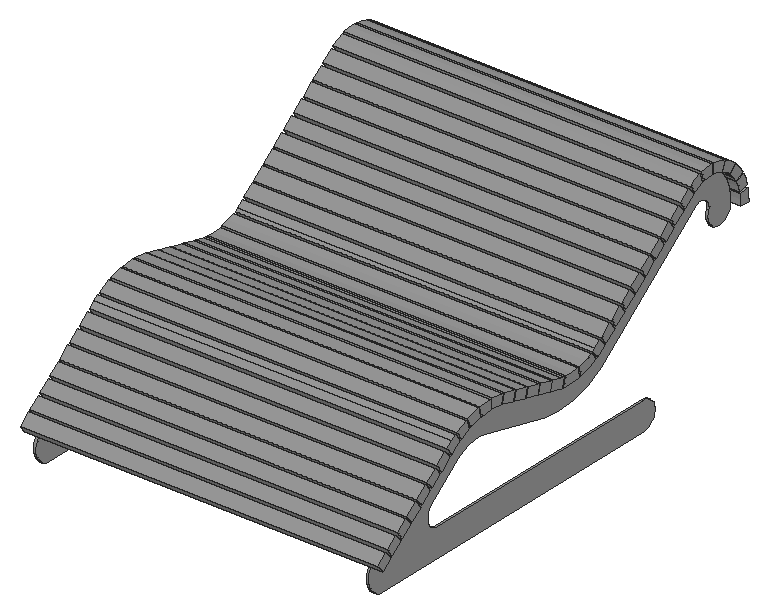
Revit family "11670 Парковый лежак «Ньютон» Хоббика", category Антураж, Revit 2018
Family settings
  На основе рабочей плоскости = Нет
  Всегда вертикально = Да
  При загрузке вырезать с полостями = Нет
  Источник визуального образа = Геометрия семейства
  Общий = Нет
  Точка расчета площади = Нет
Parameters (values of type "Парковый лежак «Ньютон»")
  Ширина = 2104 mm  # constant formula
  Цвет отделки = Дерево
  Цвет каркаса = Сталь
  Описание = "Парковый лежак «Ньютон»"  # constant formula
  Материал изделия = "Сталь, дерево"  # constant formula
  Изображение типоразмера = Парковый лежак «Ньютон» Арт 11670.jpeg
  Изготовитель = "ООО «Хоббика"  # constant formula
  Длина = 1600 mm  # constant formula
  Группа модели = "Лежаки и шезлонги"  # constant formula
  Высота = 950 mm  # constant formula
  Артикул товара = "Арт. 11670"  # constant formula
  URL = "https://hobbyka.ru/product/parkovyy_lezhak_nyuton"
Reference planes
  plane 1 "По центру (Вперед/Назад)": y = 0
  plane 2: z = 0
  plane 3 "По центру (Влево/Вправо)": x = 0
  plane 4: x = 1600
  plane 5: y = 2104
  plane 6: z = 950
Forms (mm)
  Extrusion 1, solid, material "Сталь" <- "Цвет каркаса"
    sketch origin (0, 0, 0) x (0, 1, 0) y (0, 0, 1)
      loop
        arc (1859.364, 775.014) -> (1913.014, 777.494) -> (1933.08, 727.675) r 46.41
        arc (1933.08, 727.675) -> (1972.853, 644.289) -> (2048.991, 696.617) r 60.748
        arc (2048.991, 696.617) -> (2043.006, 772.659) -> (2010.168, 841.506) r 209.282
        arc (2010.168, 841.506) -> (1903.081, 905.85) -> (1782.406, 873.515) r 159.869
        line (1782.406, 873.515) -> (1255.916, 462.176)
        arc (1255.916, 462.176) -> (1150.343, 421.692) -> (1037.282, 420.388) r 320.503
        line (1037.282, 420.388) -> (716.609, 500.341)
        arc (716.609, 500.341) -> (578.83, 500.989) -> (453.225, 444.357) r 324.173
        line (453.225, 444.357) -> (44.467, 125)
        arc (44.467, 125) -> (33.157, 51.195) -> (87.508, 0) r 80.279
        line (87.508, 0) -> (1566.67, 0)
        arc (1566.67, 0) -> (1629.17, 62.5) -> (1566.67, 125) r 62.5
        line (1566.67, 125) -> (403.007, 125)
        arc (403.007, 125) -> (360.204, 164.656) -> (371.523, 221.897) r 59.828
        line (371.523, 221.897) -> (528.775, 344.755)
        arc (528.775, 344.755) -> (604.819, 378.721) -> (688.103, 378.622) r 199.173
        line (688.103, 378.622) -> (1011.416, 298.011)
        arc (1011.416, 298.011) -> (1175.18, 299.179) -> (1327.457, 359.443) r 445.503
        line (1327.457, 359.443) -> (1859.364, 775.014)
    from 50 to 60
  Extrusion 2, solid, material "Сталь" <- "Цвет каркаса"
    sketch origin (0, 0, 0) x (0, 1, 0) y (0, 0, 1)
      loop
        arc (1859.364, 775.014) -> (1913.014, 777.494) -> (1933.08, 727.675) r 46.41
        arc (1933.08, 727.675) -> (1972.853, 644.289) -> (2048.991, 696.617) r 60.748
        arc (2048.991, 696.617) -> (2043.006, 772.659) -> (2010.168, 841.506) r 209.282
        arc (2010.168, 841.506) -> (1903.081, 905.85) -> (1782.406, 873.515) r 159.869
        line (1782.406, 873.515) -> (1255.916, 462.176)
        arc (1255.916, 462.176) -> (1150.343, 421.692) -> (1037.282, 420.388) r 320.503
        line (1037.282, 420.388) -> (716.609, 500.341)
        arc (716.609, 500.341) -> (578.83, 500.989) -> (453.225, 444.357) r 324.173
        line (453.225, 444.357) -> (44.467, 125)
        arc (44.467, 125) -> (33.157, 51.195) -> (87.508, 0) r 80.279
        line (87.508, 0) -> (1566.67, 0)
        arc (1566.67, 0) -> (1629.17, 62.5) -> (1566.67, 125) r 62.5
        line (1566.67, 125) -> (403.007, 125)
        arc (403.007, 125) -> (360.204, 164.656) -> (371.523, 221.897) r 59.828
        line (371.523, 221.897) -> (528.775, 344.755)
        arc (528.775, 344.755) -> (604.819, 378.721) -> (688.103, 378.622) r 199.173
        line (688.103, 378.622) -> (1011.416, 298.011)
        arc (1011.416, 298.011) -> (1175.18, 299.179) -> (1327.457, 359.443) r 445.503
        line (1327.457, 359.443) -> (1859.364, 775.014)
    from 1540 to 1550
  Extrusion 3, solid, material "Дерево" <- "Цвет отделки"
    sketch origin (0, 0, 0) x (0, 1, 0) y (0, 0, 1)
      loop
        line (2050.055, 712.629) -> (2089.83, 708.72)
        arc (2089.83, 708.72) -> (2089.514, 738.701) -> (2085.601, 768.426) r 249.282
        line (2085.601, 768.426) -> (2045.914, 760.324)
        arc (2045.914, 760.324) -> (2049.353, 736.596) -> (2050.055, 712.629) r 209.282
      loop
        arc (2010.168, 841.506) -> (2016.521, 832.249) -> (2022.368, 822.666) r 209.282
        line (2022.368, 822.666) -> (2058.173, 843.212)
        arc (2058.173, 843.212) -> (2050.705, 855.639) -> (2042.528, 867.611) r 249.282
        arc (2042.528, 867.611) -> (2032.965, 879.757) -> (2022.491, 891.127) r 199.869
        line (2022.491, 891.127) -> (1993.121, 861.331)
        arc (1993.121, 861.331) -> (2002.05, 851.767) -> (2010.168, 841.506) r 159.869
      loop
        line (1783.665, 874.499) -> (1757.78, 907.63) -> (1710.499, 870.69) -> (1736.384, 837.559) -> (1783.665, 874.499)
      loop
        line (1255.916, 462.176) -> (1287.218, 486.632) -> (1261.333, 519.763) -> (1233.242, 497.816)
        arc (1233.242, 497.816) -> (1226.948, 494.193) -> (1220.562, 490.734) r 280.503
        line (1220.562, 490.734) -> (1246.952, 456.956)
        arc (1246.952, 456.956) -> (1251.455, 459.53) -> (1255.916, 462.176) r 320.503
      loop
        arc (1037.282, 420.388) -> (1041.44, 419.72) -> (1045.607, 419.107) r 320.503
        line (1045.607, 419.107) -> (1055.973, 460.681)
        arc (1055.973, 460.681) -> (1050.67, 461.383) -> (1045.382, 462.187) r 280.503
        line (1045.382, 462.187) -> (997.489, 474.128) -> (987.203, 432.874) -> (1037.282, 420.388)
      loop
        line (705.702, 502.571) -> (716.011, 543.919)
        arc (716.011, 543.919) -> (686.364, 548.449) -> (656.444, 550.524) r 364.173
        line (656.444, 550.524) -> (655.273, 507.947)
        arc (655.273, 507.947) -> (680.593, 506.247) -> (705.702, 502.571) r 324.173
      loop
        arc (453.225, 444.357) -> (464.667, 452.458) -> (476.447, 460.056) r 324.173
        line (476.447, 460.056) -> (450.328, 493.487)
        arc (450.328, 493.487) -> (439.528, 486.322) -> (428.989, 478.776) r 364.173
        line (428.989, 478.776) -> (402.096, 457.765) -> (427.981, 424.634) -> (453.225, 444.357)
      loop
        line (15.971, 156.091) -> (41.856, 122.96) -> (89.137, 159.9) -> (63.252, 193.031) -> (15.971, 156.091)
      loop
        line (71.132, 199.187) -> (97.017, 166.056) -> (144.298, 202.996) -> (118.413, 236.127) -> (71.132, 199.187)
      loop
        line (126.293, 242.284) -> (152.178, 209.153) -> (199.458, 246.092) -> (173.573, 279.223) -> (126.293, 242.284)
      loop
        line (181.453, 285.38) -> (207.338, 252.249) -> (254.619, 289.189) -> (228.734, 322.32) -> (181.453, 285.38)
      loop
        line (236.614, 328.476) -> (262.499, 295.345) -> (309.78, 332.285) -> (283.895, 365.416) -> (236.614, 328.476)
      loop
        line (291.775, 371.573) -> (317.66, 338.441) -> (364.941, 375.381) -> (339.056, 408.512) -> (291.775, 371.573)
      loop
        line (346.936, 414.669) -> (372.821, 381.538) -> (420.101, 418.477) -> (394.216, 451.609) -> (346.936, 414.669)
      loop
        line (458.883, 498.781) -> (485.117, 465.203)
        arc (485.117, 465.203) -> (506.277, 476.307) -> (528.198, 485.822) r 324.173
        line (528.198, 485.822) -> (512.639, 525.28)
        arc (512.639, 525.28) -> (485.214, 513.138) -> (458.883, 498.781) r 364.173
      loop
        line (725.806, 541.866) -> (715.52, 500.612) -> (773.738, 486.097) -> (784.024, 527.351) -> (725.806, 541.866)
      loop
        line (793.727, 524.932) -> (783.441, 483.678) -> (841.658, 469.162) -> (851.944, 510.417) -> (793.727, 524.932)
      loop
        line (861.647, 507.997) -> (851.361, 466.743) -> (909.579, 452.228) -> (919.865, 493.482) -> (861.647, 507.997)
      loop
        line (929.568, 491.063) -> (919.282, 449.809) -> (977.5, 435.293) -> (987.786, 476.548) -> (929.568, 491.063)
      loop
        line (1066.017, 459.63) -> (1055.603, 417.864)
        arc (1055.603, 417.864) -> (1099.536, 416.13) -> (1143.293, 420.426) r 320.503
        line (1143.293, 420.426) -> (1135.584, 462.288)
        arc (1135.584, 462.288) -> (1100.883, 458.792) -> (1066.017, 459.63) r 280.503
      loop
        line (1702.619, 864.534) -> (1655.338, 827.594) -> (1681.223, 794.463) -> (1728.504, 831.402) -> (1702.619, 864.534)
      loop
        line (1647.458, 821.437) -> (1600.177, 784.498) -> (1626.062, 751.366) -> (1673.343, 788.306) -> (1647.458, 821.437)
      loop
        line (1592.297, 778.341) -> (1545.017, 741.401) -> (1570.902, 708.27) -> (1618.182, 745.21) -> (1592.297, 778.341)
      loop
        line (1537.137, 735.245) -> (1489.856, 698.305) -> (1515.741, 665.174) -> (1563.022, 702.113) -> (1537.137, 735.245)
      loop
        line (1481.976, 692.148) -> (1434.695, 655.209) -> (1460.58, 622.078) -> (1507.861, 659.017) -> (1481.976, 692.148)
      loop
        line (1426.815, 649.052) -> (1379.534, 612.112) -> (1405.419, 578.981) -> (1452.7, 615.921) -> (1426.815, 649.052)
      loop
        line (1371.654, 605.956) -> (1324.374, 569.016) -> (1350.259, 535.885) -> (1397.539, 572.825) -> (1371.654, 605.956)
      loop
        line (1316.494, 562.86) -> (1269.213, 525.92) -> (1295.098, 492.789) -> (1342.379, 529.728) -> (1316.494, 562.86)
      loop
        arc (1211.447, 486.158) -> (1179.122, 473.064) -> (1145.422, 464.082) r 280.503
        line (1145.422, 464.082) -> (1153.127, 422.237)
        arc (1153.127, 422.237) -> (1196.633, 434.191) -> (1238.028, 452.136) r 320.503
        line (1238.028, 452.136) -> (1211.447, 486.158)
      loop
        line (1765.814, 913.589) -> (1791.804, 880.323)
        arc (1791.804, 880.323) -> (1811.324, 891.505) -> (1832.221, 899.836) r 159.869
        line (1832.221, 899.836) -> (1819.294, 940.291)
        arc (1819.294, 940.291) -> (1791.55, 928.951) -> (1765.814, 913.589) r 199.869
      loop
        line (521.991, 528.82) -> (536.397, 488.9)
        arc (536.397, 488.9) -> (561.68, 496.853) -> (587.527, 502.714) r 324.173
        line (587.527, 502.714) -> (579.819, 544.561)
        arc (579.819, 544.561) -> (550.58, 537.882) -> (521.991, 528.82) r 364.173
      loop
        line (589.675, 546.249) -> (596.27, 504.2)
        arc (596.27, 504.2) -> (621.175, 507.103) -> (646.229, 508.073) r 324.173
        line (646.229, 508.073) -> (646.229, 550.667)
        arc (646.229, 550.667) -> (617.866, 549.561) -> (589.675, 546.249) r 364.173
      loop
        line (1828.881, 943.13) -> (1839.898, 902.077)
        arc (1839.898, 902.077) -> (1863.113, 906.421) -> (1886.715, 907.298) r 159.869
        line (1886.715, 907.298) -> (1888.276, 949.861)
        arc (1888.276, 949.861) -> (1858.325, 948.729) -> (1828.881, 943.13) r 199.869
      loop
        line (1898.255, 949.239) -> (1894.653, 906.807)
        arc (1894.653, 906.807) -> (1917.999, 903.025) -> (1940.532, 895.84) r 159.869
        line (1940.532, 895.84) -> (1956.354, 935.182)
        arc (1956.354, 935.182) -> (1927.833, 944.395) -> (1898.255, 949.239) r 199.869
      loop
        line (1965.514, 931.174) -> (1947.851, 892.68)
        arc (1947.851, 892.68) -> (1968.571, 881.177) -> (1987.364, 866.738) r 159.869
        line (1987.364, 866.738) -> (2015.263, 898.036)
        arc (2015.263, 898.036) -> (1991.634, 916.475) -> (1965.514, 931.174) r 199.869
      loop
        line (2062.896, 834.398) -> (2026.39, 815.322)
        arc (2026.39, 815.322) -> (2036.638, 792.44) -> (2044.076, 768.496) r 209.282
        line (2044.076, 768.496) -> (2083.505, 778.203)
        arc (2083.505, 778.203) -> (2074.893, 806.922) -> (2062.896, 834.398) r 249.282
    from 0 to 1600
Dimensions and locks
  "Длина": plane 3 "По центру (Влево/Вправо)" to plane 4
  "Ширина": plane 1 "По центру (Вперед/Назад)" to plane 5
  "Высота": plane 6 to plane 2
  aligned and locked: level to plane 2
Automatic sketch dimensions
  Extrusion 1 sketch curve to Extrusion 1 sketch curve = 0 mm  (x5)
  Extrusion 1 sketch curve to level = 0 mm
  Extrusion 1 sketch curve to plane 1 "По центру (Вперед/Назад)" = 44.467 mm
  Extrusion 1 sketch curve to plane 1 "По центру (Вперед/Назад)" = 87.508 mm
  Extrusion 1 sketch curve to Extrusion 1 sketch curve = 21.554 mm
  level to Extrusion 1 sketch curve = 221.897 mm
  Extrusion 1 sketch curve to Extrusion 1 sketch curve = 262.461 mm
  Extrusion 1 sketch curve to Extrusion 1 sketch curve = 31.484 mm
  Extrusion 1 sketch curve to Extrusion 1 sketch curve = 45.58 mm
  Extrusion 1 sketch curve to Extrusion 1 sketch curve = 81.702 mm
  Extrusion 1 sketch curve to Extrusion 1 sketch curve = 75.55 mm
  Extrusion 1 sketch curve to Extrusion 1 sketch curve = 117.454 mm
  level to Extrusion 1 sketch curve = 378.622 mm
  Extrusion 1 sketch curve to Extrusion 1 sketch curve = 159.328 mm
  Extrusion 1 sketch curve to Extrusion 1 sketch curve = 28.507 mm
  level to Extrusion 1 sketch curve = 298.011 mm
  Extrusion 1 sketch curve to Extrusion 1 sketch curve = 323.313 mm
  level to Extrusion 1 sketch curve = 420.388 mm
  Extrusion 1 sketch curve to Extrusion 1 sketch curve = 25.866 mm
  Extrusion 1 sketch curve to Extrusion 1 sketch curve = 52.892 mm
  level to Extrusion 1 sketch curve = 462.176 mm
  Extrusion 1 sketch curve to Extrusion 1 sketch curve = 218.635 mm
  level to Extrusion 1 sketch curve = 359.443 mm
  level to Extrusion 1 sketch curve = 62.5 mm
  Extrusion 1 sketch curve to Extrusion 1 sketch curve = 239.213 mm
  Extrusion 1 sketch curve to plane 6 = 76.485 mm
  Extrusion 1 sketch curve to plane 5 = 321.594 mm
  Extrusion 1 sketch curve to Extrusion 1 sketch curve = 58.449 mm
  Extrusion 1 sketch curve to plane 6 = 174.986 mm
  Extrusion 1 sketch curve to Extrusion 1 sketch curve = 18.509 mm
  Extrusion 1 sketch curve to Extrusion 1 sketch curve = 21.467 mm
  Extrusion 1 sketch curve to Extrusion 1 sketch curve = 7.105 mm
  Extrusion 1 sketch curve to Extrusion 1 sketch curve = 100.639 mm
  level to Extrusion 1 sketch curve = 77.332 mm
  level to Extrusion 1 sketch curve = 183.9 mm
  Extrusion 1 sketch curve to Extrusion 1 sketch curve = 99.601 mm
  Extrusion 1 sketch curve to Extrusion 1 sketch curve = 72.047 mm
  Extrusion 1 sketch curve to Extrusion 1 sketch curve = 56.521 mm
  Extrusion 1 sketch curve to Extrusion 1 sketch curve = 36.571 mm
  Extrusion 1 sketch curve to Extrusion 1 sketch curve = 9.094 mm
  Extrusion 1 sketch curve to Extrusion 1 sketch curve = 45.143 mm
  Extrusion 2 sketch curve to Extrusion 2 sketch curve = 0 mm  (x5)
  Extrusion 2 sketch curve to level = 0 mm
  Extrusion 2 sketch curve to plane 1 "По центру (Вперед/Назад)" = 44.467 mm
  Extrusion 2 sketch curve to plane 1 "По центру (Вперед/Назад)" = 87.508 mm
  Extrusion 2 sketch curve to Extrusion 2 sketch curve = 21.554 mm
  level to Extrusion 2 sketch curve = 221.897 mm
  Extrusion 2 sketch curve to Extrusion 2 sketch curve = 262.461 mm
  Extrusion 2 sketch curve to Extrusion 2 sketch curve = 31.484 mm
  Extrusion 2 sketch curve to Extrusion 2 sketch curve = 45.58 mm
  Extrusion 2 sketch curve to Extrusion 2 sketch curve = 81.702 mm
  Extrusion 2 sketch curve to Extrusion 2 sketch curve = 75.55 mm
  Extrusion 2 sketch curve to Extrusion 2 sketch curve = 117.454 mm
  level to Extrusion 2 sketch curve = 378.622 mm
  Extrusion 2 sketch curve to Extrusion 2 sketch curve = 159.328 mm
  Extrusion 2 sketch curve to Extrusion 2 sketch curve = 28.507 mm
  level to Extrusion 2 sketch curve = 298.011 mm
  Extrusion 2 sketch curve to Extrusion 2 sketch curve = 323.313 mm
  level to Extrusion 2 sketch curve = 420.388 mm
  Extrusion 2 sketch curve to Extrusion 2 sketch curve = 25.866 mm
  Extrusion 2 sketch curve to Extrusion 2 sketch curve = 52.892 mm
  level to Extrusion 2 sketch curve = 462.176 mm
  Extrusion 2 sketch curve to Extrusion 2 sketch curve = 218.635 mm
  level to Extrusion 2 sketch curve = 359.443 mm
  level to Extrusion 2 sketch curve = 62.5 mm
  Extrusion 2 sketch curve to Extrusion 2 sketch curve = 239.213 mm
  Extrusion 2 sketch curve to plane 6 = 76.485 mm
  Extrusion 2 sketch curve to plane 5 = 321.594 mm
  Extrusion 2 sketch curve to Extrusion 2 sketch curve = 58.449 mm
  Extrusion 2 sketch curve to plane 6 = 174.986 mm
  Extrusion 2 sketch curve to Extrusion 2 sketch curve = 18.509 mm
  Extrusion 2 sketch curve to Extrusion 2 sketch curve = 21.467 mm
  Extrusion 2 sketch curve to Extrusion 2 sketch curve = 7.105 mm
  Extrusion 2 sketch curve to Extrusion 2 sketch curve = 100.639 mm
  level to Extrusion 2 sketch curve = 77.332 mm
  level to Extrusion 2 sketch curve = 183.9 mm
  Extrusion 2 sketch curve to Extrusion 2 sketch curve = 99.601 mm
  Extrusion 2 sketch curve to Extrusion 2 sketch curve = 72.047 mm
  Extrusion 2 sketch curve to Extrusion 2 sketch curve = 56.521 mm
  Extrusion 2 sketch curve to Extrusion 2 sketch curve = 36.571 mm
  Extrusion 2 sketch curve to Extrusion 2 sketch curve = 9.094 mm
  Extrusion 2 sketch curve to Extrusion 2 sketch curve = 45.143 mm
  Extrusion 3 sketch curve to Extrusion 3 sketch curve = 0 mm  (x56)
  Extrusion 3 sketch curve to plane 1 "По центру (Вперед/Назад)" = 15.971 mm
  Extrusion 3 sketch curve to plane 1 "По центру (Вперед/Назад)" = 41.856 mm
  Extrusion 3 sketch curve to Extrusion 3 sketch curve = 47.281 mm  (x11)
  Extrusion 3 sketch curve to Extrusion 3 sketch curve = 7.88 mm  (x32)
  Extrusion 3 sketch curve to Extrusion 3 sketch curve = 26.893 mm
  Extrusion 3 sketch curve to Extrusion 3 sketch curve = 21.339 mm
  Extrusion 3 sketch curve to Extrusion 3 sketch curve = 25.244 mm
  Extrusion 3 sketch curve to Extrusion 3 sketch curve = 8.554 mm
  Extrusion 3 sketch curve to Extrusion 3 sketch curve = 23.222 mm
  Extrusion 3 sketch curve to Extrusion 3 sketch curve = 8.67 mm
  Extrusion 3 sketch curve to Extrusion 3 sketch curve = 53.756 mm
  Extrusion 3 sketch curve to Extrusion 3 sketch curve = 9.352 mm
  Extrusion 3 sketch curve to Extrusion 3 sketch curve = 15.559 mm
  Extrusion 3 sketch curve to Extrusion 3 sketch curve = 8.2 mm
  Extrusion 3 sketch curve to Extrusion 3 sketch curve = 57.828 mm
  Extrusion 3 sketch curve to Extrusion 3 sketch curve = 7.708 mm
  Extrusion 3 sketch curve to Extrusion 3 sketch curve = 9.856 mm
  Extrusion 3 sketch curve to Extrusion 3 sketch curve = 8.743 mm
  Extrusion 3 sketch curve to Extrusion 3 sketch curve = 49.959 mm
  Extrusion 3 sketch curve to Extrusion 3 sketch curve = 9.044 mm
  Extrusion 3 sketch curve to plane 6 = 399.476 mm
  Extrusion 3 sketch curve to Extrusion 3 sketch curve = 10.215 mm
  Extrusion 3 sketch curve to plane 6 = 447.429 mm
  Extrusion 3 sketch curve to Extrusion 3 sketch curve = 50.43 mm
  Extrusion 3 sketch curve to Extrusion 3 sketch curve = 9.818 mm
  Extrusion 3 sketch curve to plane 6 = 406.081 mm
  Extrusion 3 sketch curve to Extrusion 3 sketch curve = 10.309 mm
  Extrusion 3 sketch curve to plane 6 = 408.134 mm
  Extrusion 3 sketch curve to Extrusion 3 sketch curve = 9.794 mm
  Extrusion 3 sketch curve to Extrusion 3 sketch curve = 58.218 mm  (x4)
  Extrusion 3 sketch curve to Extrusion 3 sketch curve = 9.703 mm  (x8)
  Extrusion 3 sketch curve to plane 6 = 425.068 mm
  Extrusion 3 sketch curve to plane 6 = 442.003 mm
  Extrusion 3 sketch curve to plane 6 = 458.937 mm
  Extrusion 3 sketch curve to Extrusion 3 sketch curve = 50.079 mm
  level to Extrusion 3 sketch curve = 462.187 mm
  Extrusion 3 sketch curve to Extrusion 3 sketch curve = 8.101 mm
  level to Extrusion 3 sketch curve = 419.107 mm
  Extrusion 3 sketch curve to Extrusion 3 sketch curve = 8.326 mm
  level to Extrusion 3 sketch curve = 417.864 mm
  Extrusion 3 sketch curve to Extrusion 3 sketch curve = 9.996 mm
  level to Extrusion 3 sketch curve = 460.681 mm
  Extrusion 3 sketch curve to Extrusion 3 sketch curve = 10.59 mm
  level to Extrusion 3 sketch curve = 459.63 mm
  Extrusion 3 sketch curve to Extrusion 3 sketch curve = 10.044 mm
  Extrusion 3 sketch curve to plane 6 = 213.503 mm
  level to Extrusion 3 sketch curve = 420.426 mm
  Extrusion 3 sketch curve to Extrusion 3 sketch curve = 9.838 mm
  level to Extrusion 3 sketch curve = 422.237 mm
  Extrusion 3 sketch curve to Extrusion 3 sketch curve = 9.835 mm
  Extrusion 3 sketch curve to plane 6 = 463.842 mm
  Extrusion 3 sketch curve to Extrusion 3 sketch curve = 9.115 mm
  Extrusion 3 sketch curve to Extrusion 3 sketch curve = 12.68 mm
  Extrusion 3 sketch curve to Extrusion 3 sketch curve = 8.924 mm
  Extrusion 3 sketch curve to Extrusion 3 sketch curve = 8.964 mm
  Extrusion 3 sketch curve to plane 6 = 430.237 mm
  Extrusion 3 sketch curve to Extrusion 3 sketch curve = 28.091 mm
  Extrusion 3 sketch curve to plane 6 = 463.368 mm
  Extrusion 3 sketch curve to Extrusion 3 sketch curve = 31.302 mm
  Extrusion 3 sketch curve to plane 6 = 457.211 mm
  Extrusion 3 sketch curve to plane 6 = 387.14 mm
  Extrusion 3 sketch curve to plane 6 = 414.115 mm
  Extrusion 3 sketch curve to plane 6 = 344.044 mm
  Extrusion 3 sketch curve to plane 6 = 371.019 mm
  Extrusion 3 sketch curve to plane 6 = 300.948 mm
  Extrusion 3 sketch curve to plane 6 = 327.922 mm
  Extrusion 3 sketch curve to plane 6 = 257.852 mm
  Extrusion 3 sketch curve to plane 6 = 251.695 mm
  Extrusion 3 sketch curve to plane 6 = 284.826 mm
  Extrusion 3 sketch curve to plane 6 = 214.755 mm
  Extrusion 3 sketch curve to plane 6 = 208.599 mm
  Extrusion 3 sketch curve to plane 6 = 241.73 mm
  Extrusion 3 sketch curve to plane 6 = 171.659 mm
  Extrusion 3 sketch curve to plane 6 = 165.502 mm
  Extrusion 3 sketch curve to plane 6 = 198.634 mm
  Extrusion 3 sketch curve to plane 6 = 128.563 mm
  Extrusion 3 sketch curve to plane 6 = 122.406 mm
  Extrusion 3 sketch curve to plane 6 = 155.537 mm
  Extrusion 3 sketch curve to plane 6 = 85.466 mm
  Extrusion 3 sketch curve to plane 6 = 79.31 mm
  Extrusion 3 sketch curve to plane 6 = 42.37 mm
  Extrusion 3 sketch curve to plane 6 = 36.411 mm
  Extrusion 3 sketch curve to Extrusion 3 sketch curve = 8.034 mm
  Extrusion 3 sketch curve to plane 6 = 69.677 mm
  Extrusion 3 sketch curve to Extrusion 3 sketch curve = 8.139 mm
  Extrusion 3 sketch curve to Extrusion 3 sketch curve = 104.471 mm
  Extrusion 3 sketch curve to Extrusion 3 sketch curve = 39.976 mm
  Extrusion 3 sketch curve to plane 5 = 53.945 mm
  Extrusion 3 sketch curve to plane 5 = 14.17 mm
  Extrusion 3 sketch curve to Extrusion 3 sketch curve = 2.594 mm  (x3)
  level to Extrusion 3 sketch curve = 166.056 mm
  Extrusion 3 sketch curve to Extrusion 3 sketch curve = 6.157 mm  (x13)
  Extrusion 3 sketch curve to Extrusion 3 sketch curve = 3.808 mm
  Extrusion 3 sketch curve to Extrusion 3 sketch curve = 2.419 mm  (x4)
  Extrusion 3 sketch curve to Extrusion 3 sketch curve = 19.723 mm
  Extrusion 3 sketch curve to Extrusion 3 sketch curve = 5.146 mm
  Extrusion 3 sketch curve to Extrusion 3 sketch curve = 3.079 mm
  Extrusion 3 sketch curve to Extrusion 3 sketch curve = 5.294 mm
  Extrusion 3 sketch curve to Extrusion 3 sketch curve = 1.486 mm
  Extrusion 3 sketch curve to Extrusion 3 sketch curve = 3.54 mm
  Extrusion 3 sketch curve to Extrusion 3 sketch curve = 1.688 mm
  Extrusion 3 sketch curve to Extrusion 3 sketch curve = 3.909 mm
  Extrusion 3 sketch curve to Extrusion 3 sketch curve = 26.45 mm
  Extrusion 3 sketch curve to plane 6 = 6.87 mm
  Extrusion 3 sketch curve to plane 6 = 50.164 mm
  Extrusion 3 sketch curve to plane 6 = 47.923 mm
  Extrusion 3 sketch curve to plane 6 = 42.702 mm
  Extrusion 3 sketch curve to plane 6 = 43.193 mm
  Extrusion 3 sketch curve to plane 6 = 0.761 mm
  Extrusion 3 sketch curve to plane 6 = 57.32 mm
  Extrusion 3 sketch curve to plane 6 = 14.818 mm
  Extrusion 3 sketch curve to plane 6 = 18.826 mm
  Extrusion 3 sketch curve to plane 6 = 51.964 mm
  Extrusion 3 sketch curve to Extrusion 3 sketch curve = 12.2 mm
  Extrusion 3 sketch curve to Extrusion 3 sketch curve = 4.022 mm
  Extrusion 3 sketch curve to Extrusion 3 sketch curve = 17.686 mm
  Extrusion 3 sketch curve to Extrusion 3 sketch curve = 1.838 mm
  Extrusion 3 sketch curve to Extrusion 3 sketch curve = 15.644 mm
  Extrusion 3 sketch curve to Extrusion 3 sketch curve = 4.723 mm
  Extrusion 3 sketch curve to plane 5 = 18.399 mm
  Extrusion 3 sketch curve to Extrusion 3 sketch curve = 8.172 mm
  Extrusion 3 sketch curve to Extrusion 3 sketch curve = 9.777 mm
  Extrusion 3 sketch curve to Extrusion 3 sketch curve = 9.587 mm
  Extrusion 3 sketch curve to plane 6 = 0.139 mm
  Extrusion 3 sketch curve to Extrusion 3 sketch curve = 7.229 mm
  Extrusion 3 sketch curve to Extrusion 3 sketch curve = 5.757 mm
  Extrusion 3 sketch curve to Extrusion 3 sketch curve = 7.938 mm
  Extrusion 3 sketch curve to Extrusion 3 sketch curve = 7.677 mm
  Extrusion 3 sketch curve to plane 6 = 9.709 mm
  Extrusion 3 sketch curve to Extrusion 3 sketch curve = 12.927 mm
  Extrusion 3 sketch curve to Extrusion 3 sketch curve = 1.561 mm
  Extrusion 3 sketch curve to Extrusion 3 sketch curve = 24.157 mm
  Extrusion 3 sketch curve to Extrusion 3 sketch curve = 66.025 mm
  Extrusion 3 sketch curve to Extrusion 3 sketch curve = 9.98 mm
  Extrusion 3 sketch curve to Extrusion 3 sketch curve = 15.822 mm
  Extrusion 3 sketch curve to Extrusion 3 sketch curve = 9.16 mm
  Extrusion 3 sketch curve to Extrusion 3 sketch curve = 7.319 mm
  Extrusion 3 sketch curve to Extrusion 3 sketch curve = 27.266 mm
  Extrusion 3 sketch curve to Extrusion 3 sketch curve = 22.804 mm
  Extrusion 3 sketch curve to Extrusion 3 sketch curve = 5.407 mm
  Extrusion 3 sketch curve to Extrusion 3 sketch curve = 2.095 mm
  level to Extrusion 3 sketch curve = 452.136 mm
  level to Extrusion 3 sketch curve = 462.288 mm
  level to Extrusion 3 sketch curve = 866.738 mm
  Extrusion 3 sketch curve to Extrusion 3 sketch curve = 113.945 mm
